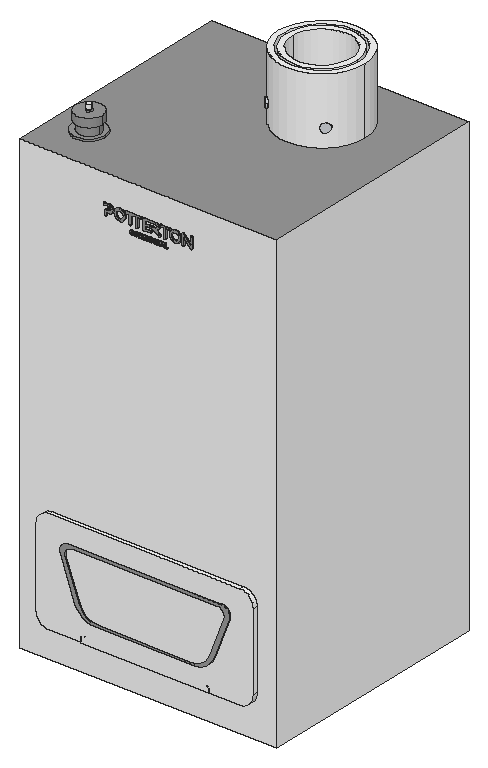
Revit family "Paramount_Five_50kW", category Mechanical Equipment, Revit 2020
Family settings
  Round Connector Dimension = Use Diameter
  Part Type = Normal
  OmniClass Number = 23.75.00.00
  OmniClass Title = Climate Control (HVAC)
  Work Plane-Based = No
  Always vertical = Yes
  Cut with Voids When Loaded = No
  Shared = No
  Room Calculation Point = No
Parameters
  top of display 2 = 198.48 mm
  top of display 1 = 210.9 mm
  cover right = 37.2 mm
  ridge at bottom of cover = 65.3 mm
  height from the floor [instance] = 1000 mm
  flue centre from side = 168 mm
  flue centre from back = 132 mm
  cover left = 37.2 mm
  control cover top = 248.1 mm
  bottom of display 2 = 90.97 mm
  bottom of display 1 = 99.2 mm
  bottom of cover = 53.8 mm
  _DistributedBy = ""
  _CurrentRevision = 0
  _CreatedBy = "http://www.pottertoncommercial.co.uk/"
  _BimstoreBibleVersion = ""
  _BimSpecGuid = 0
  _Author = "Hugo Opatovsky"  # constant formula
  Weekly = ""
  Water Treatment Required = yes
  Water Content = 0.005 m³  # constant formula
  WarrantyStartDate = ""
  WarrantyGuarantorParts = ""
  WarrantyGuarantorLabor = ""
  WarrantyDurationUnit = ""
  WarrantyDurationParts = ""
  WarrantyDurationLabor = ""
  WarrantyDescription = ""
  Warranty ID = ""
  Voltage = 230 V
  Uniclass2015 = "Pr_60_60_08"  # constant formula
  URL = "http://www.potterton.co.uk/"
  TypeName = ""
  Type Comments = ""
  Type = "Space heating"
  Turndown Ratio = "4.5:1"
  TagNumber = ""
  Supply Phase = 1
  Starting Current = 0 A
  SpareParts = ""
  Sound Pressure Level = "56 dBA"
  Size = ""
  Shipping Weight = 0.00 kg
  Shape = "Rectangular (Vertical)"
  Service Zone Dimensions [instance] = 0 mm
  Service Zone [instance] = yes
  SerialNumber = ""
  Safety Valve Connection Type = ""
  Safety Valve Connection Size = 0 mm
  Responsible Sourcing of Materials = ""
  Responsible Extraction of Materials = ""
  ReplacementCost = ""
  ReferencedStandard = ""
  Reference Standard = "EU/2016/426 GAR,  92/42/EEC"
  Rated Output = 52100 W
  Rated Criteria = "50/30"
  Quarterly = ""
  ProductionYear = ""
  Product Range = "Paramount Five 50kW"
  Product Model Number = "7709610"
  Product Literature = "https://www.pottertoncommercial.co.uk/literature-library"
  Primary Fuel = "Gas - NG"
  Overall Width = 480 mm
  Overall Length = 447 mm
  Overall Height = 851 mm
  Optional Fuel = "Gas - LPG"
  Operation and Maintenance Manual = "https://www.pottertoncommercial.co.uk/literature-library"
  Oil Consumption rate = 0.0 L/s
  NominalLength = 0 mm
  NominalHeight = 0 mm
  NominalDepth = 0 mm
  Nominal Oil Inlet Pressure = 0.0 Pa
  Nominal Gas Inlet Pressure = 1700.0 Pa
  NOx Emissions = 18
  NBSReference = "90-40-05/340"  # constant formula
  NBSOfficeMasterTag = ""
  NBSObjectName = ""
  NBSNote = ""
  NBSDescription = "Gas Fired Condensing Boiler"  # constant formula
  Mounting = "Wall Mounted"
  Monthly = ""
  ModelReference = ""
  ModelNumber = ""
  Minimum Power Consumption = 0 W
  Minimum Operating Pressure = 100000.0 Pa
  Minimum Oil Inlet Pressure = 0.0 Pa
  Minimum Gas Inlet Pressure = 1700.0 Pa
  Minimum Flow Rate at 20C temperature differential = 0.58 L/s
  Minimum Flow Rate at 11C temperature differential = 1.06 L/s
  Maximum Power Consumption = 88 W
  Maximum Operating Pressure = 400000.0 Pa
  Maximum Oil Inlet Pressure = 0.0 Pa
  Maximum Gas Inlet Pressure = 2500.0 Pa
  Material Ingredient Reporting = ""
  Material = ""
  ManufacturerName = "Potterton"  # constant formula
  Manufacturer Website = "https://www.pottertoncommercial.co.uk/"
  Manufacturer = "Potterton Commercial"  # constant formula
  Maintenance Required 8001 to 12000hrs = ""
  Maintenance Required 601 to 1000hrs = ""
  Maintenance Required 4001 to 8000hrs = ""
  Maintenance Required 301 to 600hrs = ""
  Maintenance Required 2001 to 4000hrs = ""
  Maintenance Required 1001 to 2000hrs = ""
  Maintenance Required 0 to 300hrs = ""
  Location of Manufacturer = ""
  Life Cycle Analysis = 0
  Keynote = "T32"
  Interlocks = yes
  InstallationDate = "please record on commissioning"
  IfcExportType = "NOTDEFINED"  # constant formula
  IfcExportAs = "IfcBoilerType"  # constant formula
  IP Rating Electrical Enclosure = ""
  IK Rating Electrical Enclosure = "X4D"
  Hydraulic Resistance at 20C temperature differential = 6200.0 Pa
  Hydraulic Resistance at 11C temperature differential = 23400.0 Pa
  Heating Return = 0 mm
  Heating Flow = 0 mm
  Heater Operation = "Condensing"
  Heat Exchanger Material = "Aluminium"
  Gross Weight = 61.00 kg
  Green Guide for Specification = ""
  Grade = ""
  Gas, F&R Centre = 80 mm
  Gas Flow = 0 mm
  Gas Consumption rate = 5.3
  Fuse Rating = 5 A
  Full Load Current = 0 A
  Fuel Connection Type = "Threaded"
  Fuel Connection Size = 25 mm
  Frequency = 50 Hz
  Flue or Air Intake Classification = "B23,B23P,B33, C13X, C33X,C43X,C53,C53X, C63X,C83,C93X"
  Flue Connection size = 110 mm
  Flow and Return Connection Type = "Threaded"
  Flow and Return Connection Size = 40 mm
  Finish = "Powder coated"
  Features = "The new generation Paramount Five is a wall hung condensing gas boiler that's meticulously design using the latest tried and tested technology to maximise efficiency. Manufactured to the latest ISO standards, all outputs exceed the requirements of Building Regulations Part L, delivering exceptional energy efficiency and ultra low NOX emissions"
  Extidentifier = ""
  External Material = "Steel"
  ExpectedLife = 15
  Expected Life = 15
  ErP Seasonal Efficiency = 0
  ErP Rated Efficiency at Part Load = 97.9
  ErP Rated Efficiency at Full Load = 93.9
  ErP Energy Label = "0"
  Environmental Product Declaration = ""
  Energy Technology List = ""
  Embodied Carbon = 0
  DurationUnit = "Years"
  Drain Connection Type = ""
  Drain Connection Size = 0 mm
  DocumentationTechnical = ""
  DocumentationMaintenance = ""
  DocumentationLiterature = ""
  DocumentationInstallationGuide = ""
  DocumentationCertificates = ""
  Default Elevation = 0 mm
  Daily = ""
  CreatedOn = ""
  CreatedBy = ""
  Control Type = "0 - 10V, Volt free enable, Direct boiler weather compensating control system. Modbus & BACNet available from Potterton"
  Constituents = ""
  Configuration = "Single boiler"
  Condensate Out = 0 mm
  Condensate Drain Type = "Plain"
  Condensate Drain Size = 25 mm
  Condensate Centre = 50 mm
  Colour = "BDR White (no RAL number)"
  Color = ""
  CodePerformance = ""
  Clearance zone [instance] = yes
  ClassificationValue = "Pr_60_60_08_34"  # constant formula
  ClassificationName = "Uniclass2015"  # constant formula
  CE Mark = "0085BL0514"
  Burner Control Type = "Modulating"
  Building Regulations Seasonal Efficiency = 95.6
  Bespoke Timeframe = ""
  BarCode = ""
  BMS Links = yes
  BIMObjectName = ""
  AssetType = "Fixed"  # constant formula
  AssetIdentifier = ""
  Assembly Code = "D3020100"
  Annually = "As per attached URL O & M Manual"
  Air Inlet Connection Size = 160 mm
  Additional Technical Details = ""
  AccessibilityPerformance = ""
  Access Clearance Top = 400 mm
  Access Clearance Right = 20 mm
  Access Clearance Rear = 0 mm
  Access Clearance Left = 20 mm
  Access Clearance Front = 600 mm
  Access Clearance Bottom = 500 mm
  6 Monthly = ""
Reference planes
  plane 1 "Center (Front/Back)": y = 0
  plane 2: z = 0
  plane 3 "Center (Left/Right)": x = 0
  plane 4 "Boiler left": x = -240
  plane 5 "Boiler right": x = 240
  plane 6 "Boiler Bottom": z = 1000
  plane 7 "Boiler top": z = 1851
  plane 8 "Boiler front": y = -447
  plane 9: y = -132
  plane 10: x = 72
  plane 11 "control cover top": z = 1248.1
  plane 12 "top of display": z = 1210.9
  plane 13 "top of display 2": z = 1198.48
  plane 14 "bottom of display 1": z = 1099.2
  plane 15 "bottom of display 2": z = 1090.97
  plane 16 "ridge at bottom of cover": z = 1065.3
  plane 17 "bottom of cover": z = 1053.8
  plane 18: x = -202.8
  plane 19: x = 202.8
  plane 20 "rid lip left": x = -120
  plane 21 "rid lip right": x = 120
  plane 22: x = -165.4
  plane 23: x = 165.4
  plane 24: y = -366.789
  plane 25: x = -175.275
  plane 26 "PRV - bottom of top": z = 1871
  plane 27 "PRV bottom ridge": z = 1871
  plane 28 "PRV - Top ridge": z = 1886
  plane 29 "PRV - Top of Hexagon": z = 1888
  plane 30 "Back connection": y = -50
  plane 31 "Front connections": y = -80
  plane 32: x = -189
  plane 33: x = -130
  plane 34: x = 130
  plane 35: x = 0
  plane 36: z = 1020
  plane 37: z = 1826.432
  plane 38: z = 1851
  plane 39 "PRV - Bottom of cap": z = 1890
  plane 40 "Boiler bottom lip": z = 980
  plane 41 "Boiler top lip": z = 1871
  plane 42 "front of cover": y = -455
  plane 43 "clearance left": x = -260
  plane 44 "clearance bottom": z = 480
  plane 45 "clearance right": x = 260
  plane 46 "clearance top": z = 2271
  plane 47 "clearance front": y = -1047
  plane 48: y = -268.8
  plane 49: y = -239.8
  plane 50: x = -82.87
  plane 51: x = -66.3
  plane 52: x = -53.9
  plane 53: x = -37.38
  plane 54: x = -20.8
  plane 55: x = -6.8
  plane 56: x = 9
  plane 57: x = 23
  plane 58: x = 40
  plane 59: x = -99.4
  plane 60: x = 53.6
Forms (mm)
  Extrusion 1, solid, material "Baxi Boiler White"
    sketch origin (0, 0, 1000) x (-1, 0, 0) y (0, -1, 0)
      loop
        line (240, 0) -> (240, 447) -> (-240, 447) -> (-240, 0) -> (240, 0)
    from 0 to 851
  Extrusion 2, solid, material "Default"
    sketch origin (-0.562, -447, 0.519) x (-1, 0, 0) y (0, 0, 1)
      loop
        line (177.8, 1248.1) -> (-177.8, 1248.1)
        arc (-177.8, 1248.1) -> (-195.478, 1240.778) -> (-202.8, 1223.1) r 25
        line (-202.8, 1223.1) -> (-202.8, 1078.8)
        arc (-202.8, 1078.8) -> (-195.478, 1061.122) -> (-177.8, 1053.8) r 25
        line (-177.8, 1053.8) -> (177.8, 1053.8)
        arc (177.8, 1053.8) -> (195.478, 1061.122) -> (202.8, 1078.8) r 25
        line (202.8, 1078.8) -> (202.8, 1223.1)
        arc (202.8, 1223.1) -> (195.478, 1240.778) -> (177.8, 1248.1) r 25
    from 0 to -8
  Extrusion 3, void
    sketch origin (-0.562, -447, 0.519) x (-1, 0, 0) y (0, 0, 1)
      loop
        arc (120, 1060.3) -> (118.536, 1063.836) -> (115, 1065.3) r 5
        line (115, 1065.3) -> (-115, 1065.3)
        arc (-115, 1065.3) -> (-118.536, 1063.836) -> (-120, 1060.3) r 5
        line (-120, 1060.3) -> (-120, 1057.684) -> (-119, 1057.684) -> (-119, 1060.3)
        arc (-119, 1060.3) -> (-117.828, 1063.128) -> (-115, 1064.3) r 4
        line (-115, 1064.3) -> (115, 1064.3)
        arc (115, 1064.3) -> (117.828, 1063.128) -> (119, 1060.3) r 4
        line (119, 1060.3) -> (119, 1057.684) -> (120, 1057.684) -> (120, 1060.3)
      loop
        line (119, 1053.8) -> (120, 1053.8) -> (120, 1057.05) -> (119, 1057.05) -> (119, 1053.8)
      loop
        line (-120, 1053.8) -> (-119, 1053.8) -> (-119, 1057.05) -> (-120, 1057.05) -> (-120, 1053.8)
    from 0 to -8
  Extrusion 4, solid, material "Default"
    sketch origin (0.722, -455, -0.85) x (0, 0, 1) y (-1, 0, 0)
      loop
        arc (1211.419, 144.245) -> (1204.944, 156.587) -> (1191.109, 158.273) r 15
        line (1191.109, 158.273) -> (1117.328, 130.343)
        arc (1117.328, 130.343) -> (1098.577, 115.667) -> (1091.489, 92.934) r 40
        line (1091.489, 92.934) -> (1091.489, -91.81)
        arc (1091.489, -91.81) -> (1098.577, -114.543) -> (1117.328, -129.219) r 40
        line (1117.328, -129.219) -> (1191.109, -157.149)
        arc (1191.109, -157.149) -> (1204.944, -155.463) -> (1211.419, -143.121) r 15
        line (1211.419, -143.121) -> (1211.419, 144.245)
      loop
        arc (1206.614, 135.368) -> (1200.544, 146.938) -> (1187.574, 148.518) r 14.061
        line (1187.574, 148.518) -> (1118.41, 122.336)
        arc (1118.41, 122.336) -> (1100.833, 108.578) -> (1094.189, 87.268) r 37.497
        line (1094.189, 87.268) -> (1094.189, -85.916)
        arc (1094.189, -85.916) -> (1100.833, -107.226) -> (1118.41, -120.984) r 37.497
        line (1118.41, -120.984) -> (1187.574, -147.167)
        arc (1187.574, -147.167) -> (1200.544, -145.586) -> (1206.614, -134.016) r 14.061
        line (1206.614, -134.016) -> (1206.614, 135.368)
    from 0 to 0.8
  Extrusion 5, solid, material "Rubber"
    sketch origin (0, 0, 1851) x (-1, 0, 0) y (0, -1, 0)
      loop
        circle (175.275, 366.789) r 30
      loop
        circle (175.275, 366.789) r 20.5
    from 0 to 3
  Extrusion 6, solid, material "Brass"
    sketch origin (0, 0, 1000) x (-1, 0, 0) y (0, -1, 0)
      loop
        circle (189, 50) r 12.5
      loop
        circle (130, 80) r 19
      loop
        circle (0, 80) r 12.5
      loop
        circle (-130, 80) r 19
      loop
        circle (189, 50) r 10
      loop
        circle (130, 80) r 16.783
      loop
        circle (0, 80) r 10
      loop
        circle (-130, 80) r 16.817
    from 0 to -8
  Extrusion 7, solid, not visible
    sketch origin (-840, -542, 0) x (-1, 0, 0) y (0, 0, 1)
      loop
        line (177.8, 1248.1) -> (-177.8, 1248.1)
        arc (-177.8, 1248.1) -> (-195.478, 1240.778) -> (-202.8, 1223.1) r 25
        line (-202.8, 1223.1) -> (-202.8, 1078.8)
        arc (-202.8, 1078.8) -> (-195.478, 1061.122) -> (-177.8, 1053.8) r 25
        line (-177.8, 1053.8) -> (177.8, 1053.8)
        arc (177.8, 1053.8) -> (195.478, 1061.122) -> (202.8, 1078.8) r 25
        line (202.8, 1078.8) -> (202.8, 1223.1)
        arc (202.8, 1223.1) -> (195.478, 1240.778) -> (177.8, 1248.1) r 25
    from 0 to -8
  Extrusion 8, void, not visible
    sketch origin (-840, -542, 0) x (-1, 0, 0) y (0, 0, 1)
      loop
        arc (120, 1060.3) -> (118.536, 1063.836) -> (115, 1065.3) r 5
        line (115, 1065.3) -> (-115, 1065.3)
        arc (-115, 1065.3) -> (-118.536, 1063.836) -> (-120, 1060.3) r 5
        line (-120, 1060.3) -> (-120, 1057.684) -> (-119, 1057.684) -> (-119, 1060.3)
        arc (-119, 1060.3) -> (-117.828, 1063.128) -> (-115, 1064.3) r 4
        line (-115, 1064.3) -> (115, 1064.3)
        arc (115, 1064.3) -> (117.828, 1063.128) -> (119, 1060.3) r 4
        line (119, 1060.3) -> (119, 1057.684) -> (120, 1057.684) -> (120, 1060.3)
      loop
        line (119, 1053.8) -> (120, 1053.8) -> (120, 1057.05) -> (119, 1057.05) -> (119, 1053.8)
      loop
        line (-120, 1053.8) -> (-119, 1053.8) -> (-119, 1057.05) -> (-120, 1057.05) -> (-120, 1053.8)
    from 0 to -8
  Extrusion 9, solid, not visible
    sketch origin (-840, -542, 0) x (-1, 0, 0) y (0, 0, 1)
      loop
        line (143.683, 1210.9) -> (-143.683, 1210.9)
        arc (-143.683, 1210.9) -> (-156.025, 1204.425) -> (-157.711, 1190.589) r 15
        line (-157.711, 1190.589) -> (-129.781, 1116.809)
        arc (-129.781, 1116.809) -> (-115.105, 1098.058) -> (-92.372, 1090.97) r 40
        line (-92.372, 1090.97) -> (92.372, 1090.97)
        arc (92.372, 1090.97) -> (115.105, 1098.058) -> (129.781, 1116.809) r 40
        line (129.781, 1116.809) -> (157.711, 1190.589)
        arc (157.711, 1190.589) -> (156.025, 1204.425) -> (143.683, 1210.9) r 15
      loop
        line (134.806, 1206.095) -> (-134.578, 1206.095)
        arc (-134.578, 1206.095) -> (-146.148, 1200.025) -> (-147.729, 1187.055) r 14.061
        line (-147.729, 1187.055) -> (-121.546, 1117.891)
        arc (-121.546, 1117.891) -> (-107.788, 1100.314) -> (-86.478, 1093.67) r 37.497
        line (-86.478, 1093.67) -> (86.706, 1093.67)
        arc (86.706, 1093.67) -> (108.016, 1100.314) -> (121.774, 1117.891) r 37.497
        line (121.774, 1117.891) -> (147.956, 1187.055)
        arc (147.956, 1187.055) -> (146.375, 1200.025) -> (134.806, 1206.095) r 14.061
    from 0 to -9
  Extrusion 10, solid, material "Aluminum 6061"
    sketch origin (0, 0, 1851) x (-1, 0, 0) y (0, -1, 0)
      loop
        circle (175.275, 366.789) r 20
    from 0 to 20
  Extrusion 11, solid, material "Aluminum 6061"
    sketch origin (0, 0, 1871) x (-1, 0, 0) y (0, -1, 0)
      loop
        circle (175.275, 366.789) r 25
    from 0 to 15
  Extrusion 12, solid, material "Aluminum 6061"
    sketch origin (0, 0, 1886) x (-1, 0, 0) y (0, -1, 0)
      loop
        line (175.275, 361.789) -> (179.605, 364.289) -> (179.605, 369.289) -> (175.275, 371.789) -> (170.945, 369.289) -> (170.945, 364.289) -> (175.275, 361.789)
    from 0 to 2
  Extrusion 13, solid, material "Steel, High Strength, Low Alloy"
    sketch origin (0, 0, 1888) x (-1, 0, 0) y (0, -1, 0)
      loop
        circle (175.275, 366.789) r 2.972
    from 0 to 2
  Extrusion 14, solid, material "PVC, Flexible RED CAP"
    sketch origin (0, 0, 1890) x (-1, 0, 0) y (0, -1, 0)
      loop
        circle (175.275, 366.789) r 4.501
    from 0 to 7
  Extrusion 15, void
    sketch origin (0, 0, 480) x (-1, 0, 0) y (0, -1, 0)
      loop
        line (260, 0) -> (260, 1047) -> (-260, 1047) -> (-260, 0) -> (260, 0)
    from 0 to 1791
  Extrusion 16, solid, material "Rubber"
    sketch origin (0, 0, 1000) x (-1, 0, 0) y (0, -1, 0)
      loop
        circle (99.4, 268.8) r 10
      loop
        circle (82.87, 239.8) r 10
      loop
        circle (66.3, 268.8) r 10
      loop
        circle (53.9, 239.8) r 10
      loop
        circle (37.38, 268.8) r 10
      loop
        circle (20.8, 239.8) r 10
      loop
        circle (6.8, 268.8) r 10
      loop
        circle (-9, 239.8) r 10
      loop
        circle (-23, 268.8) r 10
      loop
        circle (-40, 239.8) r 10
      loop
        circle (-53.6, 268.8) r 10
    from 0 to -3
Cuts and joins
  Extrusion 3 cuts Extrusion 1
  Extrusion 3 cuts Extrusion 2
  joined: Extrusion 2, Extrusion 4
Lines and regions (mm)
  model lines, style "Clearance Zones"
    curve 1: line (-260, 0, 480) -> (260, 0, 480)
    curve 2: line (-260, -1047, 480) -> (-260, 0, 480)
    curve 3: line (260, -1047, 480) -> (-260, -1047, 480)
    curve 4: line (260, 0, 480) -> (260, -1047, 480)
    curve 5: line (-260, 0, 2271) -> (260, 0, 2271)
    curve 6: line (-260, -1047, 2271) -> (-260, 0, 2271)
    curve 7: line (260, -1047, 2271) -> (-260, -1047, 2271)
    curve 8: line (260, 0, 2271) -> (260, -1047, 2271)
    curve 9: line (-260, 0, 2271) -> (-260, 0, 480)
    curve 10: line (-260, -1047, 2271) -> (-260, -1047, 480)
    curve 11: line (260, 0, 2271) -> (260, 0, 480)
    curve 12: line (260, -1047, 2271) -> (260, -1047, 480)
Dimensions and locks
  equal spacing: plane 4 "Boiler left", plane 3 "Center (Left/Right)", plane 5 "Boiler right"
  "Overall Length": plane 8 "Boiler front" to plane 1 "Center (Front/Back)"
  "Overall Width": plane 4 "Boiler left" to plane 5 "Boiler right"
  plane 6 "Boiler Bottom" to level = 1000 mm
  "flue centre from back": plane 1 "Center (Front/Back)" to plane 9
  "flue centre from side": plane 10 to plane 5 "Boiler right"
  "control cover top": plane 11 "control cover top" to plane 6 "Boiler Bottom"
  "top of display 1": plane 12 "top of display" to plane 6 "Boiler Bottom"
  "top of display 2": plane 13 "top of display 2" to plane 6 "Boiler Bottom"
  "bottom of display 1": plane 14 "bottom of display 1" to plane 6 "Boiler Bottom"
  "bottom of display 2": plane 15 "bottom of display 2" to plane 6 "Boiler Bottom"
  "ridge at bottom of cover": plane 16 "ridge at bottom of cover" to plane 6 "Boiler Bottom"
  "bottom of cover": plane 17 "bottom of cover" to plane 6 "Boiler Bottom"
  plane 10 to plane 19 to plane 5 "Boiler right" = 130.8 mm, 37.2 mm
  "cover left": plane 18 to plane 4 "Boiler left"
  "cover right": plane 5 "Boiler right" to plane 19
  plane 23 to plane 3 "Center (Left/Right)" to plane 22 = 165.4 mm, 165.4 mm
  plane 24 to plane 8 "Boiler front" = 80.211 mm
  plane 4 "Boiler left" to plane 25 = 64.725 mm
  "Gas, F&R Centre": plane 31 "Front connections" to plane 1 "Center (Front/Back)"
  "Condensate Centre": plane 30 "Back connection" to plane 1 "Center (Front/Back)"
  equal spacing: cut or joined group of Extrusion 1, Extrusion 3, plane 35, cut or joined group of Extrusion 1, Extrusion 3
  plane 34 to plane 35 = 130 mm
  plane 35 to plane 33 = 130 mm
  plane 33 to plane 32 = 59 mm
  plane 36 to plane 6 "Boiler Bottom" = 20 mm
  "Access Clearance Right": plane 45 "clearance right" to plane 5 "Boiler right"
  "Access Clearance Bottom": plane 40 "Boiler bottom lip" to plane 44 "clearance bottom"
  "Access Clearance Left": plane 4 "Boiler left" to plane 43 "clearance left"
  "Access Clearance Top": plane 46 "clearance top" to plane 41 "Boiler top lip"
  "Access Clearance Front": plane 8 "Boiler front" to plane 47 "clearance front"
  plane 49 to plane 1 "Center (Front/Back)" = 239.8 mm
  plane 48 to plane 1 "Center (Front/Back)" = 268.8 mm
  locked: plane 59 to plane 4 "Boiler left" at 140.6
  locked: plane 50 to plane 4 "Boiler left" at 157.13
  plane 51 to plane 4 "Boiler left" = 173.7 mm
  locked: plane 52 to plane 4 "Boiler left" at 186.1
  locked: plane 53 to plane 4 "Boiler left" at 202.62
  locked: plane 54 to plane 4 "Boiler left" at 219.2
  locked: plane 55 to plane 4 "Boiler left" at 233.2
  locked: plane 56 to plane 4 "Boiler left" at 249
  locked: plane 57 to plane 4 "Boiler left" at 263
  locked: plane 58 to plane 4 "Boiler left" at 280
  locked: plane 60 to plane 4 "Boiler left" at 293.6
  plane 9 to plane 1 "Center (Front/Back)" = 132 mm
  "Overall Height": plane 7 "Boiler top" to plane 6 "Boiler Bottom"
  nested 1 to plane 6 "Boiler Bottom" = 975 mm
  aligned and locked: level to plane 2
  aligned and locked: plane 5 "Boiler right" to Extrusion 1
  aligned and locked: Extrusion 1 to plane 6 "Boiler Bottom"
  aligned and locked: plane 7 "Boiler top" to Extrusion 1
  aligned and locked: Extrusion 1 to plane 4 "Boiler left"
  aligned and locked: Extrusion 1 to plane 1 "Center (Front/Back)"
  aligned and locked: Extrusion 1 to plane 8 "Boiler front"
  aligned and locked: nested 1 to plane 10
  aligned and locked: nested 1 to plane 9
  aligned and locked: Extrusion 15 to plane 47 "clearance front"
  aligned and locked: plane 46 "clearance top" to Extrusion 15
  aligned and locked: Extrusion 15 to plane 44 "clearance bottom"
  aligned and locked: Extrusion 15 to plane 1 "Center (Front/Back)"
  aligned and locked: curve 1 to Extrusion 15
  aligned and locked: curve 2 to Extrusion 15
  aligned and locked: curve 3 to Extrusion 15
  aligned and locked: curve 4 to Extrusion 15
Automatic sketch dimensions
  plane 1 "Center (Front/Back)" to Extrusion 1 sketch curve = 0 mm
  Extrusion 1 sketch curve to plane 5 "Boiler right" = 0 mm
  Extrusion 1 sketch curve to plane 4 "Boiler left" = 0 mm
  Extrusion 1 sketch curve to plane 8 "Boiler front" = 0 mm
  Extrusion 3 sketch curve to Extrusion 3 sketch curve = 0 mm  (x13)
  Extrusion 3 sketch curve to Extrusion 3 sketch curve = 3.25 mm  (x2)
  Extrusion 3 sketch curve to Extrusion 3 sketch curve = 0.634 mm  (x2)
  Extrusion 3 sketch curve to Extrusion 3 sketch curve = 2.616 mm
  Extrusion 5 sketch curve to Extrusion 5 sketch curve = 0 mm  (x2)
  Extrusion 5 sketch curve to plane 24 = 0 mm
  Extrusion 5 sketch curve to plane 25 = 0 mm
  Extrusion 6 sketch curve to Extrusion 6 sketch curve = 0 mm  (x8)
  plane 31 "Front connections" to Extrusion 6 sketch curve = 0 mm  (x3)
  Extrusion 6 sketch curve to plane 34 = 0 mm
  Extrusion 6 sketch curve to plane 3 "Center (Left/Right)" = 0 mm
  Extrusion 6 sketch curve to plane 33 = 0 mm
  plane 30 "Back connection" to Extrusion 6 sketch curve = 0 mm
  Extrusion 6 sketch curve to plane 32 = 0 mm
  Extrusion 2 sketch curve to Extrusion 2 sketch curve = 25 mm  (x3)
  Extrusion 2 sketch curve to Extrusion 2 sketch curve = 355.6 mm
  Extrusion 2 sketch curve to Extrusion 2 sketch curve = 0 mm
  Extrusion 2 sketch curve to Extrusion 2 sketch curve = 144.3 mm
  Extrusion 3 sketch curve to Extrusion 3 sketch curve = 1 mm
  Extrusion 3 sketch curve to Extrusion 3 sketch curve = 4 mm  (x2)
  Extrusion 3 sketch curve to Extrusion 3 sketch curve = 230 mm
  Extrusion 8 sketch curve to Extrusion 8 sketch curve = 0 mm  (x13)
  Extrusion 8 sketch curve to Extrusion 8 sketch curve = 3.25 mm  (x2)
  Extrusion 8 sketch curve to Extrusion 8 sketch curve = 0.634 mm  (x2)
  Extrusion 8 sketch curve to Extrusion 8 sketch curve = 2.616 mm
  Extrusion 9 sketch curve to Extrusion 9 sketch curve = 14.028 mm
  Extrusion 9 sketch curve to Extrusion 9 sketch curve = 14.061 mm  (x2)
  Extrusion 9 sketch curve to Extrusion 9 sketch curve = 60.867 mm  (x2)
  Extrusion 9 sketch curve to Extrusion 9 sketch curve = 13.275 mm
  Extrusion 7 sketch curve to Extrusion 7 sketch curve = 25 mm  (x3)
  Extrusion 7 sketch curve to Extrusion 7 sketch curve = 355.6 mm
  Extrusion 7 sketch curve to Extrusion 7 sketch curve = 0 mm
  Extrusion 7 sketch curve to Extrusion 7 sketch curve = 144.3 mm
  Extrusion 8 sketch curve to Extrusion 8 sketch curve = 1 mm
  Extrusion 8 sketch curve to Extrusion 8 sketch curve = 4 mm  (x2)
  Extrusion 8 sketch curve to Extrusion 8 sketch curve = 230 mm
  Extrusion 9 sketch curve to Extrusion 9 sketch curve = 4.046 mm
  Extrusion 9 sketch curve to Extrusion 9 sketch curve = 9.105 mm
  Extrusion 9 sketch curve to Extrusion 9 sketch curve = 17.947 mm
  Extrusion 9 sketch curve to Extrusion 9 sketch curve = 8.235 mm
  Extrusion 9 sketch curve to Extrusion 9 sketch curve = 29.174 mm
  Extrusion 9 sketch curve to Extrusion 9 sketch curve = 5.894 mm
  Extrusion 9 sketch curve to Extrusion 9 sketch curve = 173.184 mm
  Extrusion 9 sketch curve to Extrusion 9 sketch curve = 5.666 mm
  Extrusion 9 sketch curve to Extrusion 9 sketch curve = 29.402 mm
  Extrusion 9 sketch curve to Extrusion 9 sketch curve = 8.007 mm
  Extrusion 9 sketch curve to Extrusion 9 sketch curve = 42.434 mm
  Extrusion 9 sketch curve to Extrusion 9 sketch curve = 8.877 mm
  Extrusion 9 sketch curve to Extrusion 9 sketch curve = 4.273 mm
  Extrusion 9 sketch curve to Extrusion 9 sketch curve = 9.755 mm
  Extrusion 9 sketch curve to Extrusion 9 sketch curve = 2.7 mm
  Extrusion 9 sketch curve to Extrusion 9 sketch curve = 1.083 mm  (x2)
  Extrusion 9 sketch curve to Extrusion 9 sketch curve = 3.534 mm  (x2)
  Extrusion 9 sketch curve to Extrusion 9 sketch curve = 3.866 mm
  Extrusion 10 sketch curve to plane 24 = 0 mm
  Extrusion 10 sketch curve to plane 25 = 0 mm
  Extrusion 11 sketch curve to plane 24 = 0 mm
  Extrusion 11 sketch curve to plane 25 = 0 mm
  Extrusion 13 sketch curve to plane 24 = 0 mm
  Extrusion 13 sketch curve to plane 25 = 0 mm
  Extrusion 14 sketch curve to plane 24 = 0 mm
  Extrusion 14 sketch curve to plane 25 = 0 mm
  Extrusion 2 sketch curve to plane 19 = 0.562 mm
  plane 17 "bottom of cover" to Extrusion 2 sketch curve = 0.519 mm
  Extrusion 3 sketch curve to plane 21 "rid lip right" = 0.562 mm
  plane 17 "bottom of cover" to Extrusion 3 sketch curve = 0.519 mm
  Extrusion 4 sketch curve to plane 15 "bottom of display 2" = 0.331 mm
  plane 15 "bottom of display 2" to Extrusion 4 sketch curve = 2.369 mm
  Extrusion 4 sketch curve to plane 34 = 0.059 mm
  plane 14 "bottom of display 1" to Extrusion 4 sketch curve = 17.278 mm  (x2)
  plane 33 to Extrusion 4 sketch curve = 0.378 mm
  Extrusion 4 sketch curve to plane 20 "rid lip left" = 1.614 mm
  Extrusion 4 sketch curve to Extrusion 4 sketch curve = 1.083 mm  (x2)
  plane 21 "rid lip right" to Extrusion 4 sketch curve = 1.706 mm
  plane 10 to Extrusion 4 sketch curve = 20.532 mm
  plane 20 "rid lip left" to Extrusion 4 sketch curve = 27.787 mm
  Extrusion 4 sketch curve to Extrusion 4 sketch curve = 0.197 mm  (x2)
  Extrusion 4 sketch curve to plane 13 "top of display 2" = 11.755 mm  (x2)
  Extrusion 4 sketch curve to plane 13 "top of display 2" = 8.221 mm  (x2)
  Extrusion 4 sketch curve to plane 13 "top of display 2" = 6.777 mm  (x2)
  Extrusion 4 sketch curve to plane 13 "top of display 2" = 2.911 mm  (x2)
  Extrusion 4 sketch curve to plane 12 "top of display" = 5.136 mm
  Extrusion 4 sketch curve to plane 12 "top of display" = 0.331 mm
  plane 34 to Extrusion 4 sketch curve = 4.738 mm
  Extrusion 4 sketch curve to Extrusion 4 sketch curve = 9.105 mm
  Extrusion 4 sketch curve to plane 33 = 4.646 mm
  Extrusion 4 sketch curve to Extrusion 4 sketch curve = 8.877 mm
  plane 1 "Center (Front/Back)" to Extrusion 15 sketch curve = 0 mm
  Extrusion 15 sketch curve to plane 45 "clearance right" = 0 mm
  Extrusion 15 sketch curve to plane 43 "clearance left" = 0 mm
  plane 47 "clearance front" to Extrusion 15 sketch curve = 0 mm
  plane 1 "Center (Front/Back)" to curve 5 = 0 mm
  curve 5 to plane 45 "clearance right" = 0 mm
  curve 7 to plane 43 "clearance left" = 0 mm
  curve 7 to plane 47 "clearance front" = 0 mm
  curve 9 to plane 1 "Center (Front/Back)" = 0 mm
  curve 9 to plane 44 "clearance bottom" = 0 mm
  curve 10 to plane 44 "clearance bottom" = 0 mm
  curve 10 to plane 46 "clearance top" = 0 mm
  curve 9 to plane 46 "clearance top" = 0 mm
  curve 10 to plane 47 "clearance front" = 0 mm
  curve 12 to plane 46 "clearance top" = 0 mm
  curve 11 to plane 1 "Center (Front/Back)" = 0 mm
  curve 11 to plane 46 "clearance top" = 0 mm
  curve 12 to plane 44 "clearance bottom" = 0 mm
  curve 11 to plane 44 "clearance bottom" = 0 mm
  curve 12 to plane 47 "clearance front" = 0 mm
  plane 48 to Extrusion 16 sketch curve = 0 mm  (x6)
  Extrusion 16 sketch curve to plane 60 = 0 mm
  plane 49 to Extrusion 16 sketch curve = 0 mm  (x5)
  Extrusion 16 sketch curve to plane 58 = 0 mm
  Extrusion 16 sketch curve to plane 57 = 0 mm
  Extrusion 16 sketch curve to plane 56 = 0 mm
  Extrusion 16 sketch curve to plane 55 = 0 mm
  Extrusion 16 sketch curve to plane 54 = 0 mm
  Extrusion 16 sketch curve to plane 53 = 0 mm
  Extrusion 16 sketch curve to plane 52 = 0 mm
  Extrusion 16 sketch curve to plane 51 = 0 mm
  Extrusion 16 sketch curve to plane 50 = 0 mm
  Extrusion 16 sketch curve to plane 59 = 0 mm
  radius of Extrusion 5 sketch curve = 30 mm
  radius of Extrusion 5 sketch curve = 20.5 mm
  radius of Extrusion 6 sketch curve = 12.5 mm  (x2)
  radius of Extrusion 6 sketch curve = 19 mm  (x2)
  radius of Extrusion 6 sketch curve = 10 mm  (x2)
  radius of Extrusion 6 sketch curve = 16.783 mm
  radius of Extrusion 6 sketch curve = 16.817 mm
  radius of Extrusion 10 sketch curve = 20 mm
  radius of Extrusion 11 sketch curve = 25 mm
  radius of Extrusion 13 sketch curve = 2.972 mm
  radius of Extrusion 14 sketch curve = 4.501 mm
  radius of Extrusion 16 sketch curve = 10 mm  (x11)
Nested families
  nested 1: "Flue Connection X" at (72, -132, 1851), type "Flue Connection X"
  nested 2: "Potterton Logo XL commercial" at (0, -447, 1789.769) x (1, 0, 0) z (0, -1, 0), type "Potterton Logo XL commercial"
Connectors
  piping at (-130, -80, 992), diameter 38, driven by "Flow and Return Connection Type"
    settings: on Extrusion 6, index 1, connector inside diameter 609.6 mm, connector length 0 mm, flow factor 0, pipe flow 0.0 L/s, pressure drop 0.0 Pa, fitting loss kfactor 0, connector angle 0.00°, fixture units 0, engagement length 0 mm, angle of deflection 0.00°, flow configuration 0, flow direction 2, fitting loss method 0, system type 7, joint type 0, gender type 0, connector reference index -1, connector utility 0, adjustable connector no, is connector primary yes, connector description "Threaded"
  piping at (0, -80, 992), diameter 25, driven by "Fuel Connection Size"
    settings: on Extrusion 6, index 2, connector inside diameter 609.6 mm, connector length 0 mm, flow factor 0, pipe flow 0.0 L/s, pressure drop 0.0 Pa, fitting loss kfactor 0, connector angle 0.00°, fixture units 0, engagement length 0 mm, angle of deflection 0.00°, flow configuration 0, flow direction 1, fitting loss method 0, system type 22, joint type 0, gender type 0, connector reference index -1, connector utility 0, adjustable connector no, is connector primary no, connector description ""
  piping at (-189, -50, 992), driven by "Drain Connection Type", driven by "Drain Connection Size"
    settings: on Extrusion 6, index 3, connector diameter 0 mm, connector inside diameter 609.6 mm, connector length 0 mm, flow factor 0, pipe flow 0.0 L/s, pressure drop 0.0 Pa, fitting loss kfactor 0, connector angle 0.00°, fixture units 0, engagement length 0 mm, angle of deflection 0.00°, flow configuration 0, flow direction 2, fitting loss method 0, system type 16, joint type 0, gender type 0, connector reference index -1, connector utility 0, adjustable connector no, is connector primary no, connector description ""
  piping at (130, -80, 992), diameter 38, driven by "Flow and Return Connection Type"
    settings: on Extrusion 6, index 4, connector inside diameter 609.6 mm, connector length 0 mm, flow factor 0, pipe flow 0.0 L/s, pressure drop 0.0 Pa, fitting loss kfactor 0, connector angle 0.00°, fixture units 0, engagement length 0 mm, angle of deflection 0.00°, flow configuration 0, flow direction 1, fitting loss method 0, system type 8, joint type 0, gender type 0, connector reference index -1, connector utility 0, adjustable connector no, is connector primary no, connector description "Threaded"
  hvac at (71.5, -132, 1975), driven by "Flue Connection size", driven by "Flue or Air Intake Classification"
    settings: on nested 1, index 5, duct flow 0.0 L/s, flow factor 0, pres drop 0.0 Pa, loss coef 0, conn angle 0.00°, conn width 304.8 mm, conn height 304.8 mm, conn diameter 110 mm, duct sys type 3, conn prof type 0, flow config 0, flow direction 0, loss method 0, conn ref index -1, conn util no, is conn primary yes, conn desc "B23,B23P,B33, C13X, C33X,C43X,C53,C53X, C63X,C83,C93X"
Definition of nested family "Flue Connection X"
  Parameters (values of type "Flue Connection X")
    Default Elevation = 1219.2 mm
  Reference planes
    plane 1 "Center (Front/Back)": y = 0
    plane 2: z = 0
    plane 3 "Center (Left/Right)": x = 0
  Forms (mm)
    Extrusion 1, solid
      sketch origin (0, 0, 0) x (1, 0, 0) y (0, 1, 0)
        loop
          line (-1219.2, 1219.2) -> (-1219.2, -1219.2) -> (1219.2, -1219.2) -> (1219.2, 1219.2) -> (-1219.2, 1219.2)
      from 0 to -304.8
  Dimensions and locks
    aligned and locked: plane 2 to Extrusion 1
    aligned and locked: level to Extrusion 1
  Nested families
    nested 1: "Flue Connection (paramount 4)" at (0, 0, 0), type "Flue Connection (paramount 4)"
      with Wall Fixed yes, Show Clearance Zone no, Service Zone Dim 5 mm, Service Zone no, Height off Floor 1100 mm, Flue Duct Connection Size 125 mm, Flue 125 yes, Flue 100 no, Clearance Zone yes, Boiler Stand Off Bracket no
  Definition of nested family "Flue Connection (paramount 4)"
    Parameters (values of type "Flue Connection (paramount 4)")
      _DistributedBy = "https://www.bimstore.co.uk/"
      _CurrentRevision = 1  # constant formula
      _CreatedBy = "http://www.potterton.co.uk/"
      _BimstoreBibleVersion = "14"  # constant formula
      _BimSpecGuid = 0
      _Author = "Trevour Carty"  # constant formula
      Weekly = ""
      Web = 2 mm
      Water Treatment Required = yes
      Water Content = 2.50 m³
      WarrantyStartDate = "please record on commissioning"
      WarrantyGuarantorParts = "+44 344 871 1545"  # constant formula
      WarrantyGuarantorLabor = ""
      WarrantyDurationUnit = "years"  # constant formula
      WarrantyDurationParts = "Check website for details"  # constant formula
      WarrantyDurationLabor = ""
      WarrantyDescription = "UK only Labour and parts warranty. Warranty applies to boiler only and integral controls."  # constant formula
      Warranty ID = ""
      Wall Fixed [instance] = yes
      Void Depth = 10 mm  # constant formula
      Valves = 45 mm  # constant formula
      Valve Spacing = 260 mm  # constant formula
      Valve Drop = 44 mm  # constant formula
      Uniclass2015 = "Pr_60_60_08"  # constant formula
      URL = "http://www.potterton.co.uk/"
      TypeName = ""
      Type Comments = ""
      Type = ""
      Turndown Ratio = "6.1"
      Top of Void = 62 mm  # constant formula
      Test Point Centre = 20 mm  # constant formula
      TagNumber = ""
      Stand Off Depth = 35 mm
      SpareParts = ""
      Sound Pressure Level = "50"
      Size = ""
      Show Clearance Zone [instance] = no
      Shipping Weight = 37.50 kg
      Shape = "Rectangle (Vertical)"  # constant formula
      Service Zone Dim [instance] = if(Clearance Zone, 5 mm, 450 mm)  # 5 mm
      Service Zone [instance] = Service Zone Dim = 450 mm  # no
      SerialNumber = ""
      Safety Valve Connection Type = "BSP Male"  # constant formula
      Safety Valve Connection Size = 15 mm  # constant formula
      Responsible Sourcing of Materials = ""
      Responsible Extraction of Materials = ""
      ReplacementCost = ""
      ReferencedStandard = "ISO 9001"  # constant formula
      Reference Standard = "ISO 9001"  # constant formula
      Rated Output = 25.3 W
      Rated Criteria = "Condensing"  # constant formula
      Quarterly = ""
      ProductionYear = ""
      Product Range = ""
      Product Model Number = "7223763"
      Product Literature = "http://www.potterton.co.uk/products/gas-boilers/promax-ultra.htm"
      Primary Fuel = "Natrual Gas G31"  # constant formula
      PRV Left/Right = 162.5 mm  # constant formula
      Overall Width = 390 mm  # constant formula
      Overall Length = 300 mm  # constant formula
      Overall Height = 1100 mm
      Optional Fuel = "Propane Gas G20"  # constant formula
      Operation and Maintenance Manual = "http://www.potterton.co.uk/products/gas-boilers/promax-ultra.htm"
      Oil Consumption rate = 0.0 L/s
      Nox Class = "5"  # constant formula
      NominalLength = Overall Width  # 390 mm
      NominalHeight = Overall Height  # 1100 mm
      NominalDepth = Overall Length  # 300 mm
      Nominal Oil Inlet Pressure = 0.0 Pa
      Nominal Gas Inlet Pressure = 2000.0 Pa  # constant formula
      NOx Emissions = 17
      NBSReference = "90-40-05/340"  # constant formula
      NBSOfficeMasterTag = ""
      NBSObjectName = "Potterton-Promax-Ultra-Compact_Combi"  # constant formula
      NBSNote = "Potterton-Ultra-Compact_Gas-Fired_Condensing_Boiler_Combi"  # constant formula
      NBSDescription = "Gas Fired Condensing Boiler"  # constant formula
      Mounting = "Wall Hung"  # constant formula
      Monthly = ""
      ModelReference = "Promax Ultra Combi"  # constant formula
      ModelNumber = ""
      Minimum Operating Pressure = 50000.0 Pa  # constant formula
      Minimum Oil Inlet Pressure = 0.0 Pa
      Minimum Gas Inlet Pressure = 1700.0 Pa  # constant formula
      Minimum Flow Rate at 20C temperature differential = 0.0 L/s
      Minimum Flow Rate at 11C temperature differential = 0.0 L/s
      Minimum DHW Operating Pressure bar = "0.15"  # constant formula
      Minimum DHW Flow Rate = 2.0 L/s  # constant formula
      Maximum Operating Pressure = 250000.0 Pa  # constant formula
      Maximum Oil Inlet Pressure = 0.0 Pa
      Maximum Gas Inlet Pressure = 2100.0 Pa  # constant formula
      Maximum DHW Operating Pressure bar = "8"  # constant formula
      Material Ingredient Reporting = ""
      Material = "Moulded Case"  # constant formula
      ManufacturerName = "Potterton"  # constant formula
      Manufacturer Website = "http://www.potterton.co.uk/"
      Manufacturer = "Potterton"  # constant formula
      Maintenance Required 8001 to 12000hrs = ""
      Maintenance Required 601 to 1000hrs = ""
      Maintenance Required 301 to 600hrs = ""
      Maintenance Required 2001 to 4000hrs = ""
      Maintenance Required 1001 to 2000hrs = ""
      Maintenance Required 0 to 300hrs = ""
      Location of Manufacturer = ""
      Life Cycle Analysis = 0
      Keynote = "T32"
      Integral Expansion Vessel Capacity litres = "6"  # constant formula
      InstallationDate = "please record on commissioning"
      IfcExportType = "NOTDEFINED"  # constant formula
      IfcExportAs = "IfcBoilerType"  # constant formula
      IP Rating Electrical Enclosure = "IPX5D"  # constant formula
      IK Rating Electrical Enclosure = ""
      Hydraulic Resistance at 20C temperature differential = 0.0 Pa
      Hydraulic Resistance at 11C temperature differential = 0.0 Pa
      Hot Water Outlet Size = 15 mm  # constant formula
      Height off Floor [instance] = 1100 mm
      Heating Safety Valve Setting bar = "3"  # constant formula
      Heater Operation = ""
      Heat Exchanger Material = "Stainless Steel"  # constant formula
      Gross Weight = 33.00 kg
      Green Guide for Specification = ""
      Grade = ""
      Gas Consumption rate = 3.05
      Fuel Connection Type = "Copper Compression"  # constant formula
      Fuel Connection Size = 22 mm  # constant formula
      Front of Boiler = Overall Length - 18 mm  # 282 mm
      Flue or Air Intake Classification = "C13, C33"  # constant formula
      Flue Left/Right = 228 mm  # constant formula
      Flue Duct Connection Size [instance] = if(Flue 100, 100 mm, 125 mm)  # 125 mm
      Flue Connection size = 60 mm  # constant formula
      Flue Collar = 40 mm  # constant formula
      Flue Centre = 130 mm  # constant formula
      Flue 125 [instance] = Flue Duct Connection Size = 125 mm  # yes
      Flue 100 [instance] = no
      Flow and Return Connection Type = "Copper Compression"  # constant formula
      Flow and Return Connection Size = 22 mm  # constant formula
      Finish = "Powder Coated"  # constant formula
      Features = ""
      Extidentifier = ""
      External Material = "Moulded Case"  # constant formula
      ExpectedLife = 0
      Expected Life = 0
      ErP Seasonal Efficiency = 93
      ErP Rated Efficiency at Part Load = 98
      ErP Rated Efficiency at Full Load = 87.9
      ErP Energy Label = "CH-A. DHW-A"  # constant formula
      Environmental Product Declaration = ""
      Energy Technology List = ""
      Embodied Carbon = 0
      Electrical Centre = 60 mm  # constant formula
      DurationUnit = "Years"  # constant formula
      Drain Connection Type = "Waste Push Fit"  # constant formula
      Drain Connection Size = 15 mm  # constant formula
      Domestic Hot Water Flow (35 C Rise) = 11.5 L/s
      Domestic Hot Water Flow (30 C Rise) = 12.9 L/s
      DocumentationTechnical = "http://www.potterton.co.uk/products/gas-boilers/promax-ultra.htm"
      DocumentationMaintenance = "http://www.potterton.co.uk/products/gas-boilers/promax-ultra.htm"
      DocumentationLiterature = "http://www.potterton.co.uk/products/gas-boilers/promax-ultra.htm"
      DocumentationInstallationGuide = "http://www.potterton.co.uk/products/gas-boilers/promax-ultra.htm"
      DocumentationCertificates = "http://www.potterton.co.uk/products/gas-boilers/promax-ultra.htm"
      Default Elevation = 0 mm
      Daily = ""
      CreatedOn = ""
      CreatedBy = "http://www.potterton.co.uk/"
      Control Panel = 18 mm  # constant formula
      Constituents = ""
      Connection Ends = 65 mm  # constant formula
      Configuration = "Single Boiler"  # constant formula
      Condensate Drain Type = "Waste Push Fit"  # constant formula
      Condensate Drain Size = 21.5 mm  # constant formula
      Colour = "White"  # constant formula
      Color = "White"  # constant formula
      Cold Water Inlet Size = 15 mm  # constant formula
      CodePerformance = ""
      Clearance Zone [instance] = yes
      ClassificationValue = "Pr_60_60_08_34"  # constant formula
      ClassificationName = "Uniclass2015"  # constant formula
      CE Mark = "CE0085"  # constant formula
      Burner Control Type = "Modulating"  # constant formula
      Building Regulations Seasonal Efficiency = 89.1  # constant formula
      Boiler Stand Off Bracket [instance] = no
      Bespoke Timeframe = ""
      BarCode = ""
      BIMObjectName = ""
      AssetType = "Fixed"  # constant formula
      AssetIdentifier = ""
      Assembly Code = "D3020100"
      Annually = "Service to be completed by Gas Safe Registered Engineer"  # constant formula
      Air Inlet Connection Size = 100 mm  # constant formula
      Additional Technical Details = ""
      AccessibilityPerformance = ""
      Access Clearance Top = 1975 mm
      Access Clearance Right = 5 mm  # constant formula
      Access Clearance Rear = 0 mm  # constant formula
      Access Clearance Left = 5 mm  # constant formula
      Access Clearance Front = 450 mm  # constant formula
      Access Clearance Bottom = 170 mm  # constant formula
      6 Monthly = ""
    Reference planes
      plane 1 "Center (Front/Back)": y = 0
      plane 2: z = 0
      plane 3 "Center (Left/Right)": x = 0
      plane 4 "Top of Boiler": z = 15
      plane 5 "Test Point Centre": z = 35
      plane 6: z = 50
      plane 7: z = 20
      plane 8 "Collar Top": z = 55
    Forms (mm)
      Extrusion 1, solid
        sketch origin (32.5, 130, 0) x (1, 0, 0) y (0, 1, 0)
          loop
            circle (-33, -130) r 70
          loop
            circle (-33, -130) r 80
          loop
            circle (-33, -130) r 65
          loop
            circle (-33, -130) r 55
        from 0 to 124
      Extrusion 2, solid, detail levels fine
        sketch origin (-314.279, 201.214, 51.416) x (0.686103, -0.686103, -0.241922) y (0.171065, -0.171065, 0.970296)
          loop
            arc (347.959, 75.791) -> (354.726, 63.524) -> (361.494, 75.791) r 8
            arc (361.494, 75.791) -> (354.726, 79.524) -> (347.959, 75.791) r 8
        from 0 to 3
      Extrusion 3, solid, detail levels fine
        sketch origin (-31.642, -77.18, 0) x (-0.707107, 0.707107, 0) y (0, 0, 1)
          loop
            circle (33, 35) r 6
        from -3 to 21.371
      Extrusion 4, solid, detail levels fine
        sketch origin (0.464, -107.371, 0) x (-0.707107, -0.707107, 0) y (0, 0, 1)
          loop
            circle (-75, 35) r 6
        from -3 to 6.633
      Extrusion 5, solid, detail levels fine
        sketch origin (-201.595, -313.673, 51.416) x (0.686103, 0.686103, -0.241922) y (0.171065, 0.171065, 0.970296)
          loop
            arc (346.924, 75.533) -> (353.691, 63.266) -> (360.458, 75.533) r 8
            arc (360.458, 75.533) -> (353.691, 79.266) -> (346.924, 75.533) r 8
        from 0 to 3
    Cuts and joins
      joined: Extrusion 4, Extrusion 5
    Dimensions and locks
      "Flue Collar": plane 8 "Collar Top" to plane 4 "Top of Boiler"
      locked: plane 7 to plane 4 "Top of Boiler" at 5
      locked: plane 6 to plane 7 at 30
      "Test Point Centre": plane 5 "Test Point Centre" to plane 4 "Top of Boiler"
      aligned and locked: level to plane 2
    Automatic sketch dimensions
      Extrusion 1 sketch curve to Extrusion 1 sketch curve = 0 mm  (x6)
      plane 1 "Center (Front/Back)" to Extrusion 1 sketch curve = 0 mm
      Extrusion 1 sketch curve to plane 3 "Center (Left/Right)" = 0.5 mm
      plane 5 "Test Point Centre" to Extrusion 4 sketch curve = 0 mm
      plane 5 "Test Point Centre" to Extrusion 3 sketch curve = 0 mm
      Extrusion 2 sketch curve to Extrusion 2 sketch curve = 0 mm  (x3)
      Extrusion 2 sketch curve to plane 5 "Test Point Centre" = 0 mm
      Extrusion 2 sketch curve to Extrusion 2 sketch curve = 6.767 mm  (x2)
      Extrusion 2 sketch curve to Extrusion 2 sketch curve = 4.267 mm
      Extrusion 5 sketch curve to Extrusion 5 sketch curve = 0 mm  (x3)
      Extrusion 5 sketch curve to plane 5 "Test Point Centre" = 0 mm
      Extrusion 5 sketch curve to Extrusion 5 sketch curve = 6.767 mm  (x2)
      Extrusion 5 sketch curve to Extrusion 5 sketch curve = 4.267 mm
      radius of Extrusion 1 sketch curve = 70 mm
      radius of Extrusion 1 sketch curve = 80 mm
      radius of Extrusion 1 sketch curve = 65 mm
      radius of Extrusion 1 sketch curve = 55 mm
      radius of Extrusion 4 sketch curve = 6 mm
      radius of Extrusion 3 sketch curve = 6 mm
Definition of nested family "Potterton Logo XL commercial"
  Parameters (values of type "Potterton Logo XL commercial")
    Default Elevation = 1219.2 mm
  Reference planes
    plane 1 "Center (Front/Back)": y = 0
    plane 2: z = 0
    plane 3 "Center (Left/Right)": x = 0
    plane 4: y = -17.702
    plane 5: y = -25.614
  Forms (mm)
    Extrusion 1, solid
      sketch origin (0, 0, 0) x (1, 0, 0) y (0, 1, 0)
        loop
          line (-1219.2, 1219.2) -> (-1219.2, -1219.2) -> (1219.2, -1219.2) -> (1219.2, 1219.2) -> (-1219.2, 1219.2)
      from 0 to -304.8
    Extrusion 2, solid
      sketch origin (0, 0, 0) x (1, 0, 0) y (0, 1, 0)
        loop
          line (-71.955, -0.533) -> (-79.06, -0.533)
          arc (-79.06, -0.533) -> (-80.499, -1.128) -> (-81.095, -2.567) r 2.034
          line (-81.095, -2.567) -> (-81.095, -8.486)
          arc (-81.095, -8.486) -> (-79.008, -10.572) -> (-76.921, -8.486) r 2.087
          line (-76.921, -8.486) -> (-76.921, -4.706) -> (-71.742, -4.706)
          arc (-71.742, -4.706) -> (-64.673, 2.943) -> (-71.607, 10.714) r 7.746
          line (-71.607, 10.714) -> (-81.24, 10.714)
          arc (-81.24, 10.714) -> (-83.327, 8.627) -> (-81.24, 6.54) r 2.087
          line (-81.24, 6.54) -> (-71.955, 6.54)
          arc (-71.955, 6.54) -> (-68.419, 3.004) -> (-71.955, -0.533) r 3.536
        loop
          circle (-52.535, 0.042) r 10.599
        loop
          circle (-52.535, 0.042) r 6.507
        loop
          arc (-40.422, 10.714) -> (-42.509, 8.627) -> (-40.422, 6.54) r 2.087
          line (-40.422, 6.54) -> (-35.442, 6.54) -> (-35.442, -8.676)
          arc (-35.442, -8.676) -> (-33.355, -10.763) -> (-31.268, -8.676) r 2.087
          line (-31.268, -8.676) -> (-31.268, 6.54) -> (-22.764, 6.54) -> (-22.764, -8.758)
          arc (-22.764, -8.758) -> (-20.677, -10.845) -> (-18.59, -8.758) r 2.087
          line (-18.59, -8.758) -> (-18.59, 6.54) -> (-12.952, 6.54)
          arc (-12.952, 6.54) -> (-10.865, 8.627) -> (-12.952, 10.714) r 2.087
          line (-12.952, 10.714) -> (-40.422, 10.714)
        loop
          arc (-7.282, 10.714) -> (-8.721, 10.118) -> (-9.317, 8.679) r 2.034
          line (-9.317, 8.679) -> (-9.317, -8.464)
          arc (-9.317, -8.464) -> (-8.721, -9.902) -> (-7.282, -10.498) r 2.034
          line (-7.282, -10.498) -> (4.362, -10.498)
          arc (4.362, -10.498) -> (6.449, -8.411) -> (4.362, -6.324) r 2.087
          line (4.362, -6.324) -> (-5.143, -6.324) -> (-5.143, -1.902) -> (2.532, -1.902)
          arc (2.532, -1.902) -> (4.56, 0.126) -> (2.532, 2.155) r 2.028
          line (2.532, 2.155) -> (-5.143, 2.155) -> (-5.143, 6.54) -> (15.201, 6.54)
          arc (15.201, 6.54) -> (17.428, 4.313) -> (15.201, 2.085) r 2.228
          line (15.201, 2.085) -> (8.757, 2.085)
          arc (8.757, 2.085) -> (6.814, 0.653) -> (7.607, -1.627) r 2.034
          line (7.607, -1.627) -> (20.261, -10.304)
          arc (20.261, -10.304) -> (23.163, -9.763) -> (22.622, -6.862) r 2.087
          line (22.622, -6.862) -> (15.501, -1.98)
          arc (15.501, -1.98) -> (21.222, 4.392) -> (15.447, 10.714) r 6.378
          line (15.447, 10.714) -> (-7.282, 10.714)
        loop
          arc (24.281, 10.714) -> (22.194, 8.627) -> (24.281, 6.54) r 2.087
          line (24.281, 6.54) -> (29.339, 6.54) -> (29.339, -8.928)
          arc (29.339, -8.928) -> (31.425, -11.015) -> (33.512, -8.928) r 2.087
          line (33.512, -8.928) -> (33.512, 6.54) -> (39.079, 6.54)
          arc (39.079, 6.54) -> (41.166, 8.627) -> (39.079, 10.714) r 2.087
          line (39.079, 10.714) -> (24.281, 10.714)
        loop
          circle (50.72, 0.042) r 10.599
        loop
          circle (50.72, 0.042) r 6.507
        loop
          arc (66.91, 10.111) -> (64.675, 10.624) -> (63.383, 8.729) r 2.034
          line (63.383, 8.729) -> (63.383, -8.884)
          arc (63.383, -8.884) -> (65.47, -10.971) -> (67.556, -8.884) r 2.087
          line (67.556, -8.884) -> (67.556, 3.269) -> (79.799, -9.957)
          arc (79.799, -9.957) -> (82.034, -10.47) -> (83.327, -8.575) r 2.034
          line (83.327, -8.575) -> (83.327, 8.928)
          arc (83.327, 8.928) -> (81.24, 11.015) -> (79.153, 8.928) r 2.087
          line (79.153, 8.928) -> (79.153, -3.115) -> (66.91, 10.111)
      from 0 to 1
    Extrusion 3, solid
      sketch origin (-0.476, 0.095, 0) x (1, 0, 0) y (0, 1, 0)
        loop
          circle (-71.772, 2.983) r 2.096
      from 0 to 1
    Extrusion 4, solid
      sketch origin (0, 0, 0) x (1, 0, 0) y (0, 1, 0)
        loop
          arc (-27.509, -20.022) -> (-34.318, -21.562) -> (-27.509, -23.103) r 3.579
          arc (-27.509, -23.103) -> (-27.787, -22.31) -> (-28.579, -22.592) r 0.593
          arc (-28.579, -22.592) -> (-33.188, -21.562) -> (-28.579, -20.532) r 2.42
          arc (-28.579, -20.532) -> (-27.787, -20.815) -> (-27.509, -20.022) r 0.593
        loop
          circle (-22.807, -21.672) r 3.721
        loop
          circle (-22.807, -21.672) r 2.663
        loop
          arc (-17.912, -25.037) -> (-17.302, -25.647) -> (-16.692, -25.037) r 0.61
          line (-16.692, -25.037) -> (-16.692, -20.339) -> (-14.719, -24.988)
          arc (-14.719, -24.988) -> (-14.3, -25.274) -> (-13.865, -25.014) r 0.47
          line (-13.865, -25.014) -> (-11.535, -20.339) -> (-11.535, -25.037)
          arc (-11.535, -25.037) -> (-10.925, -25.647) -> (-10.315, -25.037) r 0.61
          line (-10.315, -25.037) -> (-10.315, -18.853)
          arc (-10.315, -18.853) -> (-10.994, -18.025) -> (-11.939, -18.529) r 0.844
          line (-11.939, -18.529) -> (-13.815, -23.048)
          arc (-13.815, -23.048) -> (-14.127, -23.257) -> (-14.442, -23.05) r 0.34
          line (-14.442, -23.05) -> (-16.223, -18.853)
          arc (-16.223, -18.853) -> (-17.067, -18.009) -> (-17.912, -18.853) r 0.844
          line (-17.912, -18.853) -> (-17.912, -25.037)
        loop
          arc (-9.075, -25.037) -> (-8.465, -25.647) -> (-7.855, -25.037) r 0.61
          line (-7.855, -25.037) -> (-7.855, -20.339) -> (-5.882, -24.988)
          arc (-5.882, -24.988) -> (-5.463, -25.274) -> (-5.028, -25.014) r 0.47
          line (-5.028, -25.014) -> (-2.698, -20.339) -> (-2.698, -25.037)
          arc (-2.698, -25.037) -> (-2.088, -25.647) -> (-1.478, -25.037) r 0.61
          line (-1.478, -25.037) -> (-1.478, -18.853)
          arc (-1.478, -18.853) -> (-2.157, -18.025) -> (-3.102, -18.529) r 0.844
          line (-3.102, -18.529) -> (-4.978, -23.048)
          arc (-4.978, -23.048) -> (-5.29, -23.257) -> (-5.605, -23.05) r 0.34
          line (-5.605, -23.05) -> (-7.386, -18.853)
          arc (-7.386, -18.853) -> (-8.23, -18.009) -> (-9.075, -18.853) r 0.844
          line (-9.075, -18.853) -> (-9.075, -25.037)
        loop
          line (4.948, -17.858) -> (0.978, -17.858)
          arc (0.978, -17.858) -> (0.286, -18.144) -> (0, -18.836) r 0.978
          line (0, -18.836) -> (0, -24.503)
          arc (0, -24.503) -> (0.28, -25.178) -> (0.955, -25.458) r 0.955
          line (0.955, -25.458) -> (4.948, -25.458) -> (4.948, -24.288) -> (1.065, -24.288) -> (1.065, -22.106) -> (4.948, -22.106) -> (4.948, -21.152) -> (1.065, -21.152) -> (1.065, -18.886) -> (4.948, -18.886) -> (4.948, -17.858)
        loop
          arc (19.793, -20.022) -> (12.983, -21.562) -> (19.793, -23.103) r 3.579
          arc (19.793, -23.103) -> (19.514, -22.31) -> (18.722, -22.592) r 0.593
          arc (18.722, -22.592) -> (14.113, -21.562) -> (18.722, -20.532) r 2.42
          arc (18.722, -20.532) -> (19.514, -20.815) -> (19.793, -20.022) r 0.593
        loop
          line (20.87, -18.553) -> (20.87, -24.788)
          arc (20.87, -24.788) -> (21.536, -25.454) -> (22.202, -24.788) r 0.666
          line (22.202, -24.788) -> (22.202, -18.553)
          arc (22.202, -18.553) -> (21.536, -17.887) -> (20.87, -18.553) r 0.666
        loop
          line (31.243, -18.494) -> (31.243, -24.69)
          arc (31.243, -24.69) -> (31.415, -25.106) -> (31.832, -25.279) r 0.589
          line (31.832, -25.279) -> (35.64, -25.279)
          arc (35.64, -25.279) -> (36.294, -24.624) -> (35.64, -23.97) r 0.654
          line (35.64, -23.97) -> (32.678, -23.97) -> (32.678, -18.494)
          arc (32.678, -18.494) -> (31.96, -17.776) -> (31.243, -18.494) r 0.718
        loop
          arc (23.218, -24.254) -> (23.625, -25.238) -> (24.61, -24.832) r 0.753
          line (24.61, -24.832) -> (25.439, -22.834) -> (27.855, -22.834) -> (28.776, -25.004)
          arc (28.776, -25.004) -> (29.827, -25.103) -> (30.125, -24.091) r 0.83
          line (30.125, -24.091) -> (27.886, -18.814)
          arc (27.886, -18.814) -> (26.676, -18.017) -> (25.473, -18.824) r 1.309
          line (25.473, -18.824) -> (23.218, -24.254)
        loop
          line (25.862, -21.925) -> (27.57, -21.925) -> (26.975, -20.134)
          arc (26.975, -20.134) -> (26.649, -19.906) -> (26.337, -20.153) r 0.333
          line (26.337, -20.153) -> (25.862, -21.925)
        loop
          line (6.588, -25.235) -> (7.74, -25.235) -> (7.74, -22.432) -> (10.175, -22.432)
          arc (10.175, -22.432) -> (10.775, -22.646) -> (11.104, -23.192) r 0.947
          line (11.104, -23.192) -> (11.104, -25.235) -> (12.256, -25.235) -> (12.256, -23.192)
          arc (12.256, -23.192) -> (11.892, -22.107) -> (10.948, -21.461) r 1.799
          arc (10.948, -21.461) -> (12.029, -19.351) -> (10.188, -17.858) r 1.882
          line (10.188, -17.858) -> (6.588, -17.858) -> (6.588, -25.235)
        loop
          line (7.74, -20.786) -> (10.108, -20.786)
          arc (10.108, -20.786) -> (11.058, -19.836) -> (10.108, -18.886) r 0.95
          line (10.108, -18.886) -> (7.74, -18.886) -> (7.74, -20.786)
      from 0 to 1
  Dimensions and locks
    aligned and locked: plane 2 to Extrusion 1
    aligned and locked: level to Extrusion 1
